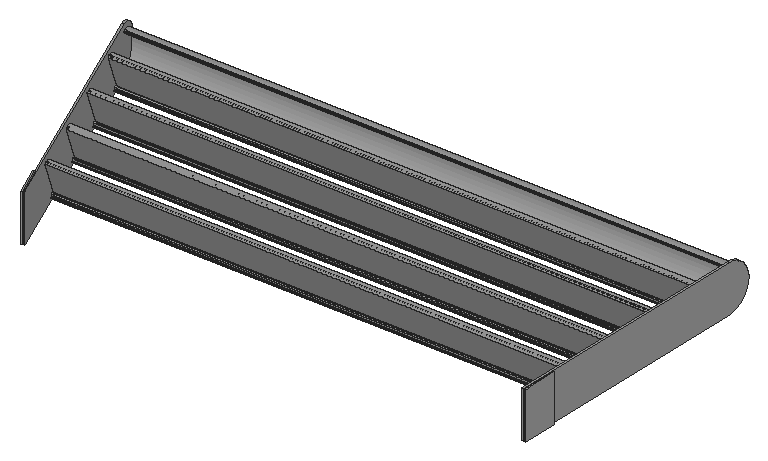
Revit family "SE-0008-ZEE-3-0", category Curtain Panels, Revit 2015
Parameters (values of type "Right 112.5 - Left 90")
  Width [instance] = 5' - 4 1/2"
  Warning 2' = Label : Label
  URL = "obe.com"
  Sun-Control Material = Aluminum
  Model = "SE-001"
  Manufacturer = "Oldcastle BuildingEnvelope®"
  Keynote = "08 11 00"
  Description = "SE-001-SolarEclipse-Rectangle"
  Assembly Code = "B2020"
  Angle = SE-0008-ZEE-3-0 : Right 112.5 - Left 90
  Analytic Construction = "<None>"
Types (25): name | Angle
  Right 90 - Left 112.5 | SE-0008-ZEE-3-0 : Right 90 - Left 112.5
  Right 90 - Left 135 | SE-0008-ZEE-3-0 : Right 90 - Left 135
  Right 112.5 - Left 90 | SE-0008-ZEE-3-0 : Right 112.5 - Left 90
  Right 112.5 - Left 112.5 | SE-0008-ZEE-3-0 : Right 112.5 - Left 112.5
  Right 112.5 - Left 135 | SE-0008-ZEE-3-0 : Right 112.5 - Left 135
  Right 135 - Left 90 | SE-0008-ZEE-3-0 : Right 135 - Left 90
  Right 135 - Left 112.5 | SE-0008-ZEE-3-0 : Right 135 - Left 112.5
  Right 135 - Left 135 | SE-0008-ZEE-3-0 : Right 135 - Left 135
  Right 45 - Left 45 | SE-0008-ZEE-3-0 : Right 45 - Left 45
  Right 45 - Left 67.5 | SE-0008-ZEE-3-0 : Right 45 - Left 67.5
  Right 45 - Left 90 | SE-0008-ZEE-3-0 : Right 45 - Left 90
  Right 67.5 - Left 45 | SE-0008-ZEE-3-0 : Right 67.5 - Left 45
  Right 67.5 - Left 67.5 | SE-0008-ZEE-3-0 : Right 67.5 - Left 67.5
  Right 67.5 - Left 90 | SE-0008-ZEE-3-0 : Right 67.5 - Left 90
  Right 90 - Left 45 | SE-0008-ZEE-3-0 : Right 90 - Left 45
  Right 90 - Left 67.5 | SE-0008-ZEE-3-0 : Right 90 - Left 67.5
  Right 45 - Left 112.5 | SE-0008-ZEE-3-0 : Right 45 - Left 112.5
  Right 45 - Left 135 | SE-0008-ZEE-3-0 : Right 45 - Left 135
  Right 67.5 - Left 112.5 | SE-0008-ZEE-3-0 : Right 67.5 - Left 112.5
  Right 67.5 - Left 135 | SE-0008-ZEE-3-0 : Right 67.5 - Left 135
  Right 112.5 - Left 45 | SE-0008-ZEE-3-0 : Right 112.5 - Left 45
  Right 112.5 - Left 67.5 | SE-0008-ZEE-3-0 : Right 112.5 - Left 67.5
  Right 135 - Left 45 | SE-0008-ZEE-3-0 : Right 135 - Left 45
  Right 135 - Left 67.5 | SE-0008-ZEE-3-0 : Right 135 - Left 67.5
  Right 90 - Left 90 | SE-0008-ZEE-3-0 : Right 90 - Left 90
Reference planes (in)
  plane 1 "Front": y = 0
  plane 2: z = 0
  plane 3 "Center (Left/Right)": x = 0
  plane 4 "Left": x = -32.25
  plane 5 "Right": x = 32.25
  plane 6 "Top": z = 96
Text (in)
  text "Exterior" at (-54.29358, 31.38743, 0), in view "Ref. Level"
  text "Exterior" at (480, 41.53993, 89.60405), in view "Right"
  text "Exterior" at (-240, 57.82419, 105.78864), in view "Left"
Dimensions and locks (in)
  equal spacing: plane 4 "Left", plane 3 "Center (Left/Right)", plane 5 "Right"
  "Width": plane 4 "Left" to plane 5 "Right"
  aligned and locked: level to plane 2
  aligned and locked: nested 1 to plane 3 "Center (Left/Right)"
  aligned and locked: plane 1 "Front" to nested 1
  aligned and locked: nested 1 to plane 6 "Top"
Nested families (in)
  nested 1: "SE-0008-ZEE-3-0" at (22, 0, 93), Width <- "Width", type <- "Angle", Sun-Control Material <- "Sun-Control Material", type "Right 112.5 - Left 90"
    with Width 5' - 4 1/2", Sun-Control Material Aluminum, Minimum Width 5' - 4 1/2"
Definition of nested family "SE-0008-ZEE-3-0"
  Parameters (values of type "Right 67.5 - Left 45")
    Left Short Depth = Left Depth - 0' 3"  # 4' - 0 9/256"
    Left Angle = 45.00°
    Minimum Width [instance] = if(and(Left Angle = 45.00°, Right Angle = 90.00°, Width < 3' 2"), 3' 2", if(and(Left Angle = 90.00°, Right Angle = 45.00°, Width < 3' 2"), 3' 2", if(and(Left Angle = 45.00°, Right Angle = 112.50°, Width < 1' 11"), 1' 11", if(and(Left Angle = 112.50°, Right Angle = 45.00°, Width < 1' 11"), 1' 11", if(and(Left Angle = 45.00°, Right Angle = 45.00°, Width < 6' 2"), 6' 2", if(and(Left Angle = 90.00°, Right Angle = 67.50°, Width < 1' 5"), 1' 5", if(and(Left Angle = 67.50°, Right Angle = 90.00°, Width < 1' 5"), 1' 5", if(and(Left Angle = 67.50°, Right Angle = 67.50°, Width < 2' 8"), 2' 8", if(and(Left Angle = 45.00°, Right Angle = 67.50°, Width < 4' 5"), 4' 5", if(and(Left Angle = 67.50°, Right Angle = 45.00°, Width < 4' 5"), 4' 5", Width))))))))))  # 8' - 0"
    Width [instance] = 8' - 0"
    Sun-Control Material [instance] = none
    Right Short Depth = Right Depth - 0' 3"  # 3' - 0 5/256"
    Right Depth = 3' - 3 5/256"
    Left Depth = 4' - 3 9/256"
    Right Angle = 67.50°
    Default Elevation = 4' - 0"
  Types (26): name | Left Short Depth | Left Angle | Minimum Width | Width | Right Short Depth | Right Depth | Left Depth | Right Angle
    (no name) | 4' - 0 9/256" | 45.00° | 8' - 0" | 8' - 0" | 3' - 0 5/256" | 3' - 3 5/256" | 4' - 3 9/256" | 67.50°
    Right 45 - Left 45 | 4' - 0 9/256" | 45.00° | 8' - 0" | 8' - 0" | 4' - 0 9/256" | 4' - 3 9/256" | 4' - 3 9/256" | 45.00°
    Right 45 - Left 67.5 | 3' - 0 5/256" | 67.50° | 7' - 0" | 7' - 0" | 4' - 0 9/256" | 4' - 3 9/256" | 3' - 3 5/256" | 45.00°
    Right 45 - Left 90 | 2' - 9" | 90.00° | 8' - 0" | 8' - 0" | 4' - 0 9/256" | 4' - 3 9/256" | 3' - 0" | 45.00°
    Right 45 - Left 112.5 | 2' - 11 13/16" | 112.50° | 8' - 0" | 8' - 0" | 4' - 0 9/256" | 4' - 3 9/256" | 3' - 2 13/16" | 45.00°
    Right 45 - Left 135 | 3' - 11 137/256" | 135.00° | 8' - 0" | 8' - 0" | 4' - 0 9/256" | 4' - 3 9/256" | 4' - 2 137/256" | 45.00°
    Right 67.5 - Left 45 | 4' - 0 9/256" | 45.00° | 8' - 0" | 8' - 0" | 3' - 0 5/256" | 3' - 3 5/256" | 4' - 3 9/256" | 67.50°
    Right 67.5 - Left 67.5 | 3' - 0 5/256" | 67.50° | 8' - 0" | 8' - 0" | 3' - 0 5/256" | 3' - 3 5/256" | 3' - 3 5/256" | 67.50°
    Right 67.5 - Left 90 | 2' - 9" | 90.00° | 8' - 0" | 8' - 0" | 3' - 0 5/256" | 3' - 3 5/256" | 3' - 0" | 67.50°
    Right 67.5 - Left 112.5 | 2' - 11 13/16" | 112.50° | 8' - 0" | 8' - 0" | 3' - 0 5/256" | 3' - 3 5/256" | 3' - 2 13/16" | 67.50°
    Right 67.5 - Left 135 | 3' - 11 137/256" | 135.00° | 8' - 0" | 8' - 0" | 3' - 0 5/256" | 3' - 3 5/256" | 4' - 2 137/256" | 67.50°
    Right 90 - Left 45 | 4' - 0 9/256" | 45.00° | 8' - 0" | 8' - 0" | 2' - 9" | 3' - 0" | 4' - 3 9/256" | 90.00°
    Right 90 - Left 67.5 | 3' - 0 5/256" | 67.50° | 8' - 0" | 8' - 0" | 2' - 9" | 3' - 0" | 3' - 3 5/256" | 90.00°
    Right 90 - Left 90 | 2' - 9" | 90.00° | 8' - 0" | 8' - 0" | 2' - 9" | 3' - 0" | 3' - 0" | 90.00°
    Right 90 - Left 112.5 | 2' - 11 13/16" | 112.50° | 8' - 0" | 8' - 0" | 2' - 9" | 3' - 0" | 3' - 2 13/16" | 90.00°
    Right 90 - Left 135 | 3' - 11 137/256" | 135.00° | 8' - 0" | 8' - 0" | 2' - 9" | 3' - 0" | 4' - 2 137/256" | 90.00°
    Right 112.5 - Left 45 | 4' - 0 9/256" | 45.00° | 1' - 11" | 1' - 0" | 2' - 11 13/16" | 3' - 2 13/16" | 4' - 3 9/256" | 112.50°
    Right 112.5 - Left 67.5 | 3' - 0 5/256" | 67.50° | 8' - 0" | 8' - 0" | 2' - 11 13/16" | 3' - 2 13/16" | 3' - 3 5/256" | 112.50°
    Right 112.5 - Left 90 | 2' - 9" | 90.00° | 8' - 0" | 8' - 0" | 2' - 11 13/16" | 3' - 2 13/16" | 3' - 0" | 112.50°
    Right 112.5 - Left 112.5 | 2' - 11 13/16" | 112.50° | 8' - 0" | 8' - 0" | 2' - 11 13/16" | 3' - 2 13/16" | 3' - 2 13/16" | 112.50°
    Right 112.5 - Left 135 | 3' - 11 137/256" | 135.00° | 8' - 0" | 8' - 0" | 2' - 11 13/16" | 3' - 2 13/16" | 4' - 2 137/256" | 112.50°
    Right 135 - Left 45 | 4' - 0 9/256" | 45.00° | 8' - 0" | 8' - 0" | 3' - 11 137/256" | 4' - 2 137/256" | 4' - 3 9/256" | 135.00°
    Right 135 - Left 67.5 | 3' - 0 5/256" | 67.50° | 8' - 0" | 8' - 0" | 3' - 11 137/256" | 4' - 2 137/256" | 3' - 3 5/256" | 135.00°
    Right 135 - Left 90 | 2' - 9" | 90.00° | 8' - 0" | 8' - 0" | 3' - 11 137/256" | 4' - 2 137/256" | 3' - 0" | 135.00°
    Right 135 - Left 112.5 | 2' - 11 13/16" | 112.50° | 8' - 0" | 8' - 0" | 3' - 11 137/256" | 4' - 2 137/256" | 3' - 2 13/16" | 135.00°
    Right 135 - Left 135 | 3' - 11 137/256" | 135.00° | 8' - 0" | 8' - 0" | 3' - 11 137/256" | 4' - 2 137/256" | 4' - 2 137/256" | 135.00°
  Reference planes (in)
    plane 1 "Center (Front/Back)": y = 0
    plane 2: z = 0
    plane 3: y = 33
    plane 4: y = 36
    plane 5: y = 22
    plane 6: y = 8
    plane 7: z = 2.5
    plane 8: z = -2.5
    plane 9: x = 26
    plane 10: x = -70
    plane 11: y = 15
    plane 12: y = 29
    plane 13: z = 3
    plane 14: x = -22
  Forms (in)
    Extrusion 1, void
      sketch origin (-70, 0, 0) x (-0.382683, -0.92388, 0) y (0, 0, 1)
        loop
          line (0.24272, 3.30555) -> (-79.2222, 3.30555) -> (-79.2222, -4.19445) -> (0.24272, -4.19445) -> (0.24272, 3.30555)
      from -0.375 to 40.64702
    Extrusion 2, void
      sketch origin (-10.416, 36.416, 0) x (-0.707107, 0.707107, 0) y (0, 0, 1)
        loop
          line (-53.5, 3.30555) -> (-53.5, -4.19445) -> (38.01531, -4.19445) -> (38.01531, 3.30555) -> (-53.5, 3.30555)
      from -0.375 to 37.309
    Sweep 3, solid, material <- "Sun-Control Material"
      path origin (0, 0, 0) x (1, 0, 0) y (0, 1, 0)
        loop
          line (-68.68629, 8) -> (20, 8)
      profile origin (-24.34315, 8, 0) x (0, 1, 0) y (0, 0, 1)
        loop
          arc (-1.33385, 2.37342) -> (-1.33393, 2.40446) -> (-1.30706, 2.42) r 0.031
          line (-1.30706, 2.42) -> (-0.92698, 2.42)
          arc (-0.92698, 2.42) -> (-0.90105, 2.40599) -> (-0.89855, 2.37663) r 0.031
          arc (-0.89855, 2.37663) -> (-0.90979, 2.28533) -> (-0.86951, 2.20263) r 0.162
          arc (-0.86951, 2.20263) -> (-0.75, 2.15) -> (-0.6305, 2.20263) r 0.162
          arc (-0.6305, 2.20263) -> (-0.59021, 2.28533) -> (-0.60146, 2.37663) r 0.162
          arc (-0.60146, 2.37663) -> (-0.59896, 2.40599) -> (-0.57303, 2.42) r 0.031
          line (-0.57303, 2.42) -> (-0.43, 2.42) -> (-0.43, 2.5) -> (-1.5, 2.5) -> (1.33385, -2.37342)
          arc (1.33385, -2.37342) -> (1.33393, -2.40446) -> (1.30706, -2.42) r 0.031
          line (1.30706, -2.42) -> (0.92698, -2.42)
          arc (0.92698, -2.42) -> (0.90105, -2.40599) -> (0.89855, -2.37663) r 0.031
          arc (0.89855, -2.37663) -> (0.90979, -2.28533) -> (0.86951, -2.20263) r 0.162
          arc (0.86951, -2.20263) -> (0.75, -2.15) -> (0.6305, -2.20263) r 0.162
          arc (0.6305, -2.20263) -> (0.59021, -2.28533) -> (0.60146, -2.37663) r 0.162
          arc (0.60146, -2.37663) -> (0.59896, -2.40599) -> (0.57303, -2.42) r 0.031
          line (0.57303, -2.42) -> (0.43, -2.42) -> (0.43, -2.5) -> (1.5, -2.5) -> (-1.33385, 2.37342)
    Sweep 4, solid, material <- "Sun-Control Material"
      path origin (0, 7, 0) x (1, 0, 0) y (0, 1, 0)
        loop
          line (-65.7868, 8) -> (13, 8)
      profile origin (-26.3934, 15, 0) x (0, 1, 0) y (0, 0, 1)
        loop
          arc (-1.33385, 2.37342) -> (-1.33393, 2.40446) -> (-1.30706, 2.42) r 0.031
          line (-1.30706, 2.42) -> (-0.92698, 2.42)
          arc (-0.92698, 2.42) -> (-0.90105, 2.40599) -> (-0.89855, 2.37663) r 0.031
          arc (-0.89855, 2.37663) -> (-0.90979, 2.28533) -> (-0.86951, 2.20263) r 0.162
          arc (-0.86951, 2.20263) -> (-0.75, 2.15) -> (-0.6305, 2.20263) r 0.162
          arc (-0.6305, 2.20263) -> (-0.59021, 2.28533) -> (-0.60146, 2.37663) r 0.162
          arc (-0.60146, 2.37663) -> (-0.59896, 2.40599) -> (-0.57303, 2.42) r 0.031
          line (-0.57303, 2.42) -> (-0.43, 2.42) -> (-0.43, 2.5) -> (-1.5, 2.5) -> (1.33385, -2.37342)
          arc (1.33385, -2.37342) -> (1.33393, -2.40446) -> (1.30706, -2.42) r 0.031
          line (1.30706, -2.42) -> (0.92698, -2.42)
          arc (0.92698, -2.42) -> (0.90105, -2.40599) -> (0.89855, -2.37663) r 0.031
          arc (0.89855, -2.37663) -> (0.90979, -2.28533) -> (0.86951, -2.20263) r 0.162
          arc (0.86951, -2.20263) -> (0.75, -2.15) -> (0.6305, -2.20263) r 0.162
          arc (0.6305, -2.20263) -> (0.59021, -2.28533) -> (0.60146, -2.37663) r 0.162
          arc (0.60146, -2.37663) -> (0.59896, -2.40599) -> (0.57303, -2.42) r 0.031
          line (0.57303, -2.42) -> (0.43, -2.42) -> (0.43, -2.5) -> (1.5, -2.5) -> (-1.33385, 2.37342)
    Sweep 5, solid, material <- "Sun-Control Material"
      path origin (0, 14, 0) x (1, 0, 0) y (0, 1, 0)
        loop
          line (-62.8873, 8) -> (6, 8)
      profile origin (-28.44365, 22, 0) x (0, 1, 0) y (0, 0, 1)
        loop
          arc (-1.33385, 2.37342) -> (-1.33393, 2.40446) -> (-1.30706, 2.42) r 0.031
          line (-1.30706, 2.42) -> (-0.92698, 2.42)
          arc (-0.92698, 2.42) -> (-0.90105, 2.40599) -> (-0.89855, 2.37663) r 0.031
          arc (-0.89855, 2.37663) -> (-0.90979, 2.28533) -> (-0.86951, 2.20263) r 0.162
          arc (-0.86951, 2.20263) -> (-0.75, 2.15) -> (-0.6305, 2.20263) r 0.162
          arc (-0.6305, 2.20263) -> (-0.59021, 2.28533) -> (-0.60146, 2.37663) r 0.162
          arc (-0.60146, 2.37663) -> (-0.59896, 2.40599) -> (-0.57303, 2.42) r 0.031
          line (-0.57303, 2.42) -> (-0.43, 2.42) -> (-0.43, 2.5) -> (-1.5, 2.5) -> (1.33385, -2.37342)
          arc (1.33385, -2.37342) -> (1.33393, -2.40446) -> (1.30706, -2.42) r 0.031
          line (1.30706, -2.42) -> (0.92698, -2.42)
          arc (0.92698, -2.42) -> (0.90105, -2.40599) -> (0.89855, -2.37663) r 0.031
          arc (0.89855, -2.37663) -> (0.90979, -2.28533) -> (0.86951, -2.20263) r 0.162
          arc (0.86951, -2.20263) -> (0.75, -2.15) -> (0.6305, -2.20263) r 0.162
          arc (0.6305, -2.20263) -> (0.59021, -2.28533) -> (0.60146, -2.37663) r 0.162
          arc (0.60146, -2.37663) -> (0.59896, -2.40599) -> (0.57303, -2.42) r 0.031
          line (0.57303, -2.42) -> (0.43, -2.42) -> (0.43, -2.5) -> (1.5, -2.5) -> (-1.33385, 2.37342)
    Sweep 6, solid, material <- "Sun-Control Material"
      path origin (0, 21, 0) x (1, 0, 0) y (0, 1, 0)
        loop
          line (-59.98781, 8) -> (-1, 8)
      profile origin (-30.4939, 29, 0) x (0, 1, 0) y (0, 0, 1)
        loop
          arc (-1.33385, 2.37342) -> (-1.33393, 2.40446) -> (-1.30706, 2.42) r 0.031
          line (-1.30706, 2.42) -> (-0.92698, 2.42)
          arc (-0.92698, 2.42) -> (-0.90105, 2.40599) -> (-0.89855, 2.37663) r 0.031
          arc (-0.89855, 2.37663) -> (-0.90979, 2.28533) -> (-0.86951, 2.20263) r 0.162
          arc (-0.86951, 2.20263) -> (-0.75, 2.15) -> (-0.6305, 2.20263) r 0.162
          arc (-0.6305, 2.20263) -> (-0.59021, 2.28533) -> (-0.60146, 2.37663) r 0.162
          arc (-0.60146, 2.37663) -> (-0.59896, 2.40599) -> (-0.57303, 2.42) r 0.031
          line (-0.57303, 2.42) -> (-0.43, 2.42) -> (-0.43, 2.5) -> (-1.5, 2.5) -> (1.33385, -2.37342)
          arc (1.33385, -2.37342) -> (1.33393, -2.40446) -> (1.30706, -2.42) r 0.031
          line (1.30706, -2.42) -> (0.92698, -2.42)
          arc (0.92698, -2.42) -> (0.90105, -2.40599) -> (0.89855, -2.37663) r 0.031
          arc (0.89855, -2.37663) -> (0.90979, -2.28533) -> (0.86951, -2.20263) r 0.162
          arc (0.86951, -2.20263) -> (0.75, -2.15) -> (0.6305, -2.20263) r 0.162
          arc (0.6305, -2.20263) -> (0.59021, -2.28533) -> (0.60146, -2.37663) r 0.162
          arc (0.60146, -2.37663) -> (0.59896, -2.40599) -> (0.57303, -2.42) r 0.031
          line (0.57303, -2.42) -> (0.43, -2.42) -> (0.43, -2.5) -> (1.5, -2.5) -> (-1.33385, 2.37342)
    Sweep 7, solid, material <- "Sun-Control Material"
      path origin (0, 0, 0) x (1, 0, 0) y (0, 1, 0)
        loop
          line (-5, 33) -> (-58.33095, 33)
      profile origin (-31.66548, 33, 0) x (0, -1, 0) y (0, 0, 1)
        loop
          arc (0.13264, 2.49648) -> (0.15349, 2.48685) -> (0.162, 2.46552) r 0.031
          line (0.162, 2.46552) -> (0.162, 2.312)
          arc (0.162, 2.312) -> (0.151, 2.25333) -> (0.11951, 2.20263) r 0.162
          arc (0.11951, 2.20263) -> (0, 2.15) -> (-0.11951, 2.20263) r 0.162
          arc (-0.11951, 2.20263) -> (-0.15925, 2.2823) -> (-0.15089, 2.37095) r 0.162
          arc (-0.15089, 2.37095) -> (-0.15485, 2.40066) -> (-0.1821, 2.41314) r 0.031
          arc (-0.1821, 2.41314) -> (-2.42, 0) -> (-0.1821, -2.41314) r 2.42
          arc (-0.1821, -2.41314) -> (-0.15485, -2.40066) -> (-0.15089, -2.37095) r 0.031
          arc (-0.15089, -2.37095) -> (-0.15925, -2.2823) -> (-0.11951, -2.20263) r 0.162
          arc (-0.11951, -2.20263) -> (0, -2.15) -> (0.11951, -2.20263) r 0.162
          arc (0.11951, -2.20263) -> (0.151, -2.25333) -> (0.162, -2.312) r 0.162
          line (0.162, -2.312) -> (0.162, -2.46552)
          arc (0.162, -2.46552) -> (0.15349, -2.48685) -> (0.13264, -2.49648) r 0.031
          arc (0.13264, -2.49648) -> (-2.5, 0) -> (0.13264, 2.49648) r 2.5
  Cuts and joins
    Extrusion 1, Extrusion 2 cuts Sweep 7
    Extrusion 1, Extrusion 2 cuts Sweep 6
    Extrusion 1, Extrusion 2 cuts Sweep 5
    Extrusion 1, Extrusion 2 cuts Sweep 4
    Extrusion 1, Extrusion 2 cuts Sweep 3
  Lines and regions (in)
    model lines, not visible
      curve 1: line (-18.34586, 33, -38.4375) -> (-18.34586, 33, -38.5)
    reference lines
      curve 2: line (-70, 0, 0) -> (-50.2918, 47.5798, 0)
      curve 3: line (-57.45803, 35.10742, 0) -> (-72, 0, 0)
      curve 4: line (-10.416, 36.416, 0) -> (26, 0, 0)
      curve 5: line (-10.18377, 38.18377, 0) -> (28, 0, 0)
      curve 6: line (-3, 29, 0) -> (-3, 30.5, 0)
      curve 7: line (4, 22, 0) -> (4, 24.5, 0)
      curve 8: line (11, 15, 0) -> (11, 18, 0)
      curve 9: line (18, 8, 0) -> (18, 10.5, 0)
      curve 10: line (-66.68629, 8, 0) -> (-66.68629, 10.5, 0)
      curve 11: line (-63.7868, 15, 0) -> (-63.7868, 17.5, 0)
      curve 12: line (-60.8873, 22, 0) -> (-60.8873, 24.61361, 0)
      curve 13: line (-57.98781, 29, 0) -> (-57.98781, 31.5, 0)
      curve 14: line (-7, 33, 0) -> (-7, 35.5, 0)
      curve 15: line (-56.33095, 33, 0) -> (-56.33095, 35.5, 0)
  Dimensions and locks (in)
    equal spacing: plane 7, plane 2, plane 8
    plane 4 to plane 1 "Center (Front/Back)" = 3' - 0"
    "Minimum Width": plane 10 to plane 9
    locked: curve 2 to plane 10
    locked: plane 1 "Center (Front/Back)" to curve 2 at 0
    locked: curve 3 to plane 10 at 2
    locked: plane 1 "Center (Front/Back)" to curve 3 at 0
    locked: plane 1 "Center (Front/Back)" to curve 4 at 0
    locked: plane 1 "Center (Front/Back)" to curve 5
    locked: plane 9 to curve 5 at 2
    locked: curve 4 to plane 9
    plane 3 to plane 12 = 0' - 4"  (x2)
    plane 5 to plane 11 = 0' - 7"  (x2)
    plane 11 to plane 6 = 0' - 7"  (x2)
    plane 12 to plane 5 = 0' - 7"  (x2)
    equal spacing: plane 10, plane 14, plane 9
    locked: plane 1 "Center (Front/Back)" to nested 2 at 0
    locked: plane 9 to nested 2
    locked: nested 1 to plane 10
    locked: plane 1 "Center (Front/Back)" to nested 1 at 0
    plane 1 "Center (Front/Back)" to plane 6 = 0' - 8"
    "Right Angle": angle plane 1 "Center (Front/Back)" to nested 1
    "Right Angle": angle plane 1 "Center (Front/Back)" to curve 2
    "Right Angle": angle plane 1 "Center (Front/Back)" to curve 3
    "Left Angle": angle curve 5 to plane 1 "Center (Front/Back)"
    "Left Angle": angle nested 2 to plane 1 "Center (Front/Back)"
    "Left Angle": angle curve 4 to plane 1 "Center (Front/Back)"
    aligned and locked: level to plane 2
    aligned and locked: nested 3 to plane 6
    aligned and locked: curve 3 to Sweep 3 sketch curve
    aligned and locked: curve 5 to Sweep 3 sketch curve
    aligned and locked: nested 4 to plane 11
    aligned and locked: nested 5 to plane 5
    aligned and locked: nested 6 to plane 12
    aligned and locked: curve 3 to Sweep 4 sketch curve
    aligned and locked: curve 5 to Sweep 4 sketch curve
    aligned and locked: curve 5 to Sweep 5 sketch curve
    aligned and locked: curve 3 to Sweep 5 sketch curve
    aligned and locked: curve 3 to Sweep 6 sketch curve
    aligned and locked: curve 5 to Sweep 6 sketch curve
    aligned and locked: nested 7 to plane 3
    aligned and locked: curve 3 to Sweep 7 sketch curve
    aligned and locked: curve 5 to Sweep 7 sketch curve
    aligned and locked: nested 7 to curve 14
    aligned and locked: nested 7 to curve 15
    aligned and locked: nested 6 to curve 13
    aligned and locked: nested 6 to curve 6
    aligned and locked: nested 5 to curve 7
    aligned and locked: nested 5 to curve 12
    aligned and locked: nested 4 to curve 11
    aligned and locked: nested 4 to curve 8
    aligned and locked: nested 3 to curve 10
    aligned and locked: nested 3 to curve 9
    aligned and locked: plane 2 to nested 3
    aligned and locked: plane 2 to nested 4
    aligned and locked: plane 2 to nested 5
    aligned and locked: plane 2 to nested 6
    aligned and locked: plane 2 to nested 7
    aligned and locked: Sweep 3 sketch curve to plane 6
    aligned and locked: Sweep 4 sketch curve to plane 11
    aligned and locked: Sweep 5 sketch curve to plane 5
    aligned and locked: Sweep 6 sketch curve to plane 12
    aligned and locked: plane 3 to Sweep 7 sketch curve
  Automatic sketch dimensions
    curve 1 to plane 3 = 0' - 0"
    curve 1 to plane 8 = 3' - 0"
    curve 1 to curve 1 = 0' - 0 1/16"
    curve 2 to Extrusion 1 sketch curve = 0' - 3.30555"
    Extrusion 1 sketch curve to curve 2 = 2' - 3.7222"
    curve 2 to Extrusion 1 sketch curve = 0' - 0.24272"
    Extrusion 1 sketch curve to curve 2 = 0' - 4.19445"
    Extrusion 2 sketch curve to curve 4 = 0' - 2"
    Extrusion 2 sketch curve to curve 4 = 0' - 4.19445"
    curve 4 to Extrusion 2 sketch curve = 3' - 2.01531"
    curve 4 to Extrusion 2 sketch curve = 0' - 3.30555"
    Sweep 3 sketch curve to Sweep 3 sketch curve = 0' - 0"  (x14)
    profile plane to Sweep 3 sketch curve = 0' - 1 1/2"
    Sweep 3 sketch curve to Sweep 3 sketch curve = 0' - 0.16615"  (x2)
    Sweep 3 sketch curve to Sweep 3 sketch curve = 0' - 0.0268"  (x2)
    Sweep 3 sketch curve to Sweep 3 sketch curve = 0' - 0.38008"  (x2)
    Sweep 3 sketch curve to Sweep 3 sketch curve = 0' - 0.17697"  (x4)
    Sweep 3 sketch curve to Sweep 3 sketch curve = 0' - 0.14303"  (x2)
    Sweep 3 sketch curve to profile plane = 0' - 0.43"
    Sweep 3 sketch curve to level = 0' - 2 1/2"
    Sweep 3 sketch curve to Sweep 3 sketch curve = 0' - 0.08"  (x3)
    Sweep 3 sketch curve to Sweep 3 sketch curve = 0' - 0.031"  (x5)
    Sweep 3 sketch curve to Sweep 3 sketch curve = 0' - 0.077"  (x2)
    level to Sweep 3 sketch curve = 0' - 2.312"
    Sweep 3 sketch curve to Sweep 3 sketch curve = 0' - 0.06142"
    Sweep 3 sketch curve to Sweep 3 sketch curve = 0' - 0.01558"
    Sweep 3 sketch curve to Sweep 3 sketch curve = 0' - 0.11951"  (x4)
    Sweep 4 sketch curve to Sweep 4 sketch curve = 0' - 0"  (x14)
    profile plane to Sweep 4 sketch curve = 0' - 1 1/2"
    Sweep 4 sketch curve to Sweep 4 sketch curve = 0' - 0.16615"  (x2)
    Sweep 4 sketch curve to Sweep 4 sketch curve = 0' - 0.0268"  (x2)
    Sweep 4 sketch curve to Sweep 4 sketch curve = 0' - 0.38008"  (x2)
    Sweep 4 sketch curve to Sweep 4 sketch curve = 0' - 0.17697"  (x4)
    Sweep 4 sketch curve to Sweep 4 sketch curve = 0' - 0.14303"  (x2)
    Sweep 4 sketch curve to profile plane = 0' - 0.43"
    Sweep 4 sketch curve to level = 0' - 2 1/2"
    Sweep 4 sketch curve to Sweep 4 sketch curve = 0' - 0.08"  (x3)
    Sweep 4 sketch curve to Sweep 4 sketch curve = 0' - 0.031"  (x5)
    Sweep 4 sketch curve to Sweep 4 sketch curve = 0' - 0.077"  (x2)
    level to Sweep 4 sketch curve = 0' - 2.312"
    Sweep 4 sketch curve to Sweep 4 sketch curve = 0' - 0.06142"
    Sweep 4 sketch curve to Sweep 4 sketch curve = 0' - 0.01558"
    Sweep 4 sketch curve to Sweep 4 sketch curve = 0' - 0.11951"  (x4)
    Sweep 5 sketch curve to Sweep 5 sketch curve = 0' - 0"  (x14)
    profile plane to Sweep 5 sketch curve = 0' - 1 1/2"
    Sweep 5 sketch curve to Sweep 5 sketch curve = 0' - 0.16615"  (x2)
    Sweep 5 sketch curve to Sweep 5 sketch curve = 0' - 0.0268"  (x2)
    Sweep 5 sketch curve to Sweep 5 sketch curve = 0' - 0.38008"  (x2)
    Sweep 5 sketch curve to Sweep 5 sketch curve = 0' - 0.17697"  (x4)
    Sweep 5 sketch curve to Sweep 5 sketch curve = 0' - 0.14303"  (x2)
    Sweep 5 sketch curve to profile plane = 0' - 0.43"
    Sweep 5 sketch curve to level = 0' - 2 1/2"
    Sweep 5 sketch curve to Sweep 5 sketch curve = 0' - 0.08"  (x3)
    Sweep 5 sketch curve to Sweep 5 sketch curve = 0' - 0.031"  (x5)
    Sweep 5 sketch curve to Sweep 5 sketch curve = 0' - 0.077"  (x2)
    level to Sweep 5 sketch curve = 0' - 2.312"
    Sweep 5 sketch curve to Sweep 5 sketch curve = 0' - 0.06142"
    Sweep 5 sketch curve to Sweep 5 sketch curve = 0' - 0.01558"
    Sweep 5 sketch curve to Sweep 5 sketch curve = 0' - 0.11951"  (x4)
    Sweep 6 sketch curve to Sweep 6 sketch curve = 0' - 0"  (x14)
    profile plane to Sweep 6 sketch curve = 0' - 1 1/2"
    Sweep 6 sketch curve to Sweep 6 sketch curve = 0' - 0.16615"  (x2)
    Sweep 6 sketch curve to Sweep 6 sketch curve = 0' - 0.0268"  (x2)
    Sweep 6 sketch curve to Sweep 6 sketch curve = 0' - 0.38008"  (x2)
    Sweep 6 sketch curve to Sweep 6 sketch curve = 0' - 0.17697"  (x4)
    Sweep 6 sketch curve to Sweep 6 sketch curve = 0' - 0.14303"  (x2)
    Sweep 6 sketch curve to profile plane = 0' - 0.43"
    Sweep 6 sketch curve to level = 0' - 2 1/2"
    Sweep 6 sketch curve to Sweep 6 sketch curve = 0' - 0.08"  (x3)
    Sweep 6 sketch curve to Sweep 6 sketch curve = 0' - 0.031"  (x5)
    Sweep 6 sketch curve to Sweep 6 sketch curve = 0' - 0.077"  (x2)
    level to Sweep 6 sketch curve = 0' - 2.312"
    Sweep 6 sketch curve to Sweep 6 sketch curve = 0' - 0.06142"
    Sweep 6 sketch curve to Sweep 6 sketch curve = 0' - 0.01558"
    Sweep 6 sketch curve to Sweep 6 sketch curve = 0' - 0.11951"  (x4)
    Sweep 7 sketch curve to Sweep 7 sketch curve = 0' - 0"  (x14)
    Sweep 7 sketch curve to profile plane = 0' - 0"  (x3)
    Sweep 7 sketch curve to level = 0' - 0"
    profile plane to Sweep 7 sketch curve = 0' - 0.17977"
    Sweep 7 sketch curve to profile plane = 0' - 0.131"  (x2)
    Sweep 7 sketch curve to Sweep 7 sketch curve = 0' - 0.031"  (x2)
    Sweep 7 sketch curve to level = 0' - 2.312"
    Sweep 7 sketch curve to Sweep 7 sketch curve = 0' - 0.07023"  (x2)
    Sweep 7 sketch curve to Sweep 7 sketch curve = 0' - 0.15352"  (x2)
    Sweep 7 sketch curve to Sweep 7 sketch curve = 0' - 2.312"
    profile plane to Sweep 7 sketch curve = 0' - 0.11951"  (x2)
    Sweep 7 sketch curve to Sweep 7 sketch curve = 0' - 0.02887"
    Sweep 7 sketch curve to Sweep 7 sketch curve = 0' - 0.04249"  (x2)
    curve 10 to plane 6 = 0' - 0"
    curve 11 to plane 11 = 0' - 0"
    curve 12 to plane 5 = 0' - 0"
    curve 13 to plane 12 = 0' - 0"
    curve 15 to plane 3 = 0' - 0"
    curve 14 to plane 3 = 0' - 0"
    curve 6 to plane 12 = 0' - 0"
    curve 7 to plane 5 = 0' - 0"
    curve 8 to plane 11 = 0' - 0"
    curve 9 to plane 6 = 0' - 0"
    plane 6 to curve 10 = 0' - 2 1/2"
    curve 9 to curve 9 = 0' - 2 1/2"
    plane 11 to curve 11 = 0' - 2 1/2"
    curve 8 to curve 8 = 0' - 3"
    curve 7 to curve 7 = 0' - 2 1/2"
    plane 5 to curve 12 = 0' - 2.61361"
    curve 6 to curve 6 = 0' - 1 1/2"
    curve 13 to plane 3 = 0' - 1 1/2"
    curve 14 to plane 4 = 0' - 0 1/2"
    curve 15 to plane 4 = 0' - 0 1/2"
  Nested families (in)
    nested 1: "Plate_right" at (-70, 0, 0) x (0.9239, -0.3827, 0) z (0, 0, 1), Length <- "Right Short Depth", type "Plate_right"
      with Length 3' - 0 5/256"
    nested 2: "Plate_left" at (26, 0, 0) x (-0.7071, -0.7071, 0) z (0, 0, 1), Length <- "Left Short Depth", type "Plate_left"
      with Length 4' - 0 9/256"
    nested 3: "SS-103-3D" at (-66.68629, 8, 0), type "SS-103-3D", detail levels fine
      with Lenght 7' - 0.68629"
    nested 4: "SS-103-3D" at (-63.7868, 15, 0), type "SS-103-3D", detail levels fine
      with Lenght 6' - 2.7868"
    nested 5: "SS-103-3D" at (-60.8873, 22, 0), type "SS-103-3D", detail levels fine
      with Lenght 5' - 4.8873"
    nested 6: "SS-103-3D" at (-57.98781, 29, 0), type "SS-103-3D", detail levels fine
      with Lenght 4' - 6.98781"
    nested 7: "SS-106-3D" at (-56.33095, 33, 0), type "SS-106-3D", detail levels fine
      with Lenght 4' - 1.33095"
  Definition of nested family "Plate_right"
    Parameters (values of type "Plate_right")
      Sun-Control Material = none
      Length [instance] = 2' - 0"
    Reference planes (in)
      plane 1 "Center (Front/Back)": y = 0
      plane 2: z = 0
      plane 3 "Center (Left/Right)": x = 0
    Forms (in)
      Sweep 1, solid, material <- "Sun-Control Material"
        path origin (24.49846, 19.13417, 0) x (-1, 0, 0) y (0, 1, 0)
          loop
            line (24.37346, -19.13417) -> (24.62346, -19.13417)
        profile origin (0, 0, 0) x (0, -1, 0) y (0, 0, 1)
          loop
            line (0, 3) -> (-4.5, 3) -> (-4.5, -3) -> (0, -3) -> (0, 0) -> (0, 3)
      Sweep 2, solid, material <- "Sun-Control Material"
        path origin (13.88949, 16.0727, 0) x (0.92388, -0.382683, 0) y (0.382683, 0.92388, 0)
          loop
            line (-6.33501, -20.02102) -> (-6.56598, -20.11669)
        profile origin (0.25, 0, 0) x (0, -1, 0) y (0, 0, 1)
          loop
            line (0, 3) -> (-24, 3)
            arc (-24, 3) -> (-27, 0) -> (-24, -3) r 3
            line (-24, -3) -> (0, -3) -> (0, 3)
    Lines and regions (in)
      model lines, not visible
        curve 1: line (0, 0, 0) -> (0, 1.75, 0)
    Dimensions and locks (in)
      locked: Sweep 2 to Sweep 2 at 0.25
      equal spacing: Sweep 2 sketch curve, plane 2, Sweep 2 sketch curve
      Sweep 2 sketch curve to Sweep 2 sketch curve = 0' - 6"
      "Length": Sweep 2 sketch curve to plane 1 "Center (Front/Back)"
      aligned and locked: plane 2 to level
      aligned and locked: Sweep 2 to Sweep 1
      aligned and locked: Sweep 2 sketch curve to plane 1 "Center (Front/Back)"
      aligned and locked: plane 2 to Sweep 2 sketch curve
    Automatic sketch dimensions
      curve 1 to plane 3 "Center (Left/Right)" = 0' - 0"
      plane 1 "Center (Front/Back)" to curve 1 = 0' - 0"
      curve 1 to curve 1 = 0' - 1 3/4"
      plane 1 "Center (Front/Back)" to Sweep 1 sketch curve = 0' - 0"
      Sweep 1 sketch curve to plane 3 "Center (Left/Right)" = 0' - 0 1/8"
      plane 3 "Center (Left/Right)" to Sweep 1 sketch curve = 0' - 0 1/8"
      Sweep 1 sketch curve to profile plane = 0' - 0"  (x2)
      profile plane to Sweep 1 sketch curve = 0' - 4 1/2"
      Sweep 1 sketch curve to profile plane = 0' - 3"
      profile plane to Sweep 1 sketch curve = 0' - 3"
      plane 1 "Center (Front/Back)" to Sweep 2 sketch curve = 0' - 0"  (x2)
      plane 3 "Center (Left/Right)" to Sweep 2 sketch curve = 0' - 0 1/8"
      Sweep 2 sketch curve to Sweep 2 sketch curve = 0' - 0.23097"
  Definition of nested family "Plate_left"
    Parameters (values of type "Plate_left")
      Sun-Control Material = none
      Length [instance] = 1' - 9"
    Reference planes (in)
      plane 1 "Center (Front/Back)": y = 0
      plane 2: z = 0
      plane 3 "Center (Left/Right)": x = 0
    Forms (in)
      Sweep 1, solid, material <- "Sun-Control Material"
        path origin (24.49846, 19.13417, 0) x (-1, 0, 0) y (0, 1, 0)
          loop
            line (24.37346, -19.13417) -> (24.62346, -19.13417)
        profile origin (0, 0, 0) x (0, -1, 0) y (0, 0, 1)
          loop
            line (0, 3) -> (-4.5, 3) -> (-4.5, -3) -> (0, -3) -> (0, 0) -> (0, 3)
      Sweep 2, solid, material <- "Sun-Control Material"
        path origin (13.88949, 16.0727, 0) x (0.92388, -0.382683, 0) y (0.382683, 0.92388, 0)
          loop
            line (-6.33501, -20.02102) -> (-6.56598, -20.11669)
        profile origin (0.25, 0, 0) x (0, -1, 0) y (0, 0, 1)
          loop
            line (0, 3) -> (-21, 3)
            arc (-21, 3) -> (-24, 0) -> (-21, -3) r 3
            line (-21, -3) -> (0, -3) -> (0, 3)
    Lines and regions (in)
      model lines, not visible
        curve 1: line (0, 0, 0) -> (0, 3, 0)
    Dimensions and locks (in)
      locked: Sweep 2 to Sweep 2 at 0.25
      equal spacing: Sweep 2 sketch curve, plane 2, Sweep 2 sketch curve
      locked: Sweep 2 sketch curve to Sweep 2 sketch curve at 6
      "Length": Sweep 2 sketch curve to plane 1 "Center (Front/Back)"
      aligned and locked: plane 2 to level
      aligned and locked: Sweep 2 to Sweep 1
    Automatic sketch dimensions
      curve 1 to plane 3 "Center (Left/Right)" = 0' - 0"
      plane 1 "Center (Front/Back)" to curve 1 = 0' - 0"
      curve 1 to curve 1 = 0' - 3"
      plane 1 "Center (Front/Back)" to Sweep 1 sketch curve = 0' - 0"
      Sweep 1 sketch curve to plane 3 "Center (Left/Right)" = 0' - 0 1/8"
      plane 3 "Center (Left/Right)" to Sweep 1 sketch curve = 0' - 0 1/8"
      Sweep 1 sketch curve to profile plane = 0' - 0"  (x2)
      profile plane to Sweep 1 sketch curve = 0' - 4 1/2"
      Sweep 1 sketch curve to profile plane = 0' - 3"
      profile plane to Sweep 1 sketch curve = 0' - 3"
      plane 1 "Center (Front/Back)" to Sweep 2 sketch curve = 0' - 0"  (x2)
      plane 3 "Center (Left/Right)" to Sweep 2 sketch curve = 0' - 0 1/8"
      Sweep 2 sketch curve to Sweep 2 sketch curve = 0' - 0.23097"
      Sweep 2 sketch curve to profile plane = 0' - 0"
  Definition of nested family "SS-103-3D"
    Parameters (values of type "SS-103-3D")
      Lenght [instance] = 1' - 10.56386"
    Reference planes (in)
      plane 1 "Center (Front/Back)": y = 0
      plane 2: z = 0
      plane 3 "Center (Left/Right)": x = 0
      plane 4: x = 22.56386
    Lines and regions (in)
      model lines, not visible
        curve 1: line (0, 0, 0) -> (22.56386, 0, 0)
    Dimensions and locks (in)
      "Lenght": plane 3 "Center (Left/Right)" to plane 4
      aligned and locked: plane 2 to level
      aligned and locked: plane 4 to curve 1
      aligned and locked: plane 1 "Center (Front/Back)" to curve 1
      aligned and locked: plane 3 "Center (Left/Right)" to curve 1
    Nested families (in)
      nested 1: "SS-103-2D" at (0, 0, 0) x (0, 1, 0) z (1, 0, 0), type "SS-103-2D", detail levels fine
    Definition of nested family "SS-103-2D"
      Reference planes (in)
        plane 1 "Center (Front/Back)": y = 0
        plane 2: z = 0
        plane 3 "Center (Left/Right)": x = 0
  Definition of nested family "SS-106-3D"
    Parameters (values of type "SS-106-3D")
      Lenght [instance] = 1' - 6"
    Reference planes (in)
      plane 1 "Center (Front/Back)": y = 0
      plane 2: z = 0
      plane 3 "Center (Left/Right)": x = 0
      plane 4: x = 18
    Lines and regions (in)
      model lines, not visible
        curve 1: line (0, 0, 0) -> (18, 0, 0)
    Dimensions and locks (in)
      "Lenght": plane 3 "Center (Left/Right)" to plane 4
      aligned and locked: plane 2 to level
      aligned and locked: plane 3 "Center (Left/Right)" to curve 1
      aligned and locked: plane 1 "Center (Front/Back)" to curve 1
      aligned and locked: plane 4 to curve 1
      aligned and locked: plane 1 "Center (Front/Back)" to nested 1
      aligned and locked: plane 2 to nested 1
    Nested families (in)
      nested 1: "SS-106_Shade_Element-2D" at (0, 0, 0) x (0, -1, 0) z (1, 0, 0), type "SS-106_Shade_Element-2D", detail levels fine
    Definition of nested family "SS-106_Shade_Element-2D"
      Reference planes (in)
        plane 1 "Center (Front/Back)": y = 0
        plane 2: z = 0
        plane 3 "Center (Left/Right)": x = 0
